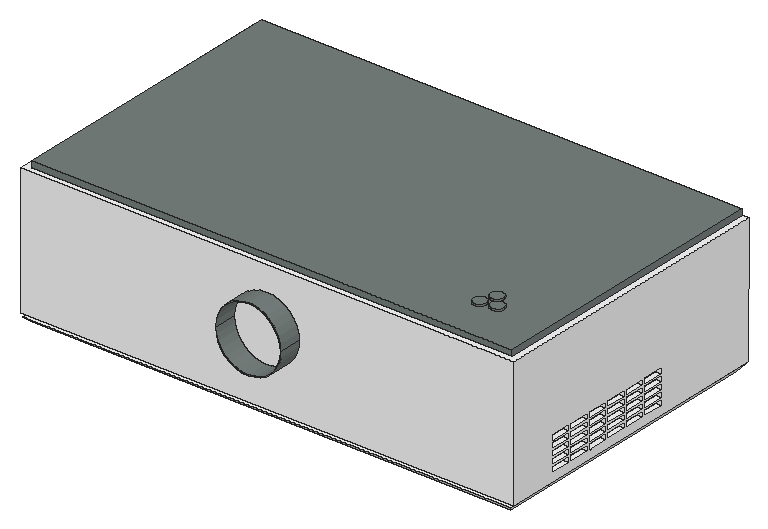
Revit family "AM 300 HHDIB", category Mechanical Equipment, Revit 2019
Family settings
  Round Connector Dimension = Use Diameter
  Part Type = Normal
  OmniClass Number = 23.75.00.00
  OmniClass Title = Climate Control (HVAC)
  Work Plane-Based = No
  Always vertical = Yes
  Cut with Voids When Loaded = No
  Shared = No
  Room Calculation Point = No
Parameters
  Weight (Standard Unit) = 85  # constant formula
  Water Heating [instance] = yes
  Water Heater Surface Return = 15 mm  # constant formula
  Water Heater Surface IN = 15 mm  # constant formula
  Version number = "1.0"
  URL = "www.airmaster-as.com"
  Total Width = 1180 mm  # constant formula
  Total Hight = 344 mm  # constant formula
  T-C Duct Supply = 187 mm  # constant formula
  T-C Duct Exhaust = 187 mm  # constant formula
  Suply Air In = 160 mm  # constant formula
  R-C Duct Supply = 133 mm  # constant formula
  Publication date = "01.05.2023"
  Phase 1 - Max Power Consumption = "1175 W"
  Phase 1 - Max Current = "7,97 A"
  Nominal current, electrical preheating surface = "4,35 A"
  Nominal current, electrical comfort heating surface = "2,17 A"
  Nominal current, air handling unit = "1,45 A"
  Network Conection = "AWG 24 CAT 5e STP"
  Model = "AM 300 HHDIB"
  Max. flow rate 35 dB(A) with ePM10 80% filters = 240.00 m³  # constant formula
  Max. flow rate 35 dB(A) with ePM10 55% filters = 270.00 m³  # constant formula
  Max. flow rate 35 dB(A) with ePM10 50% filters = 275.00 m³  # constant formula
  Max. flow rate 30 dB(A) with ePM10 80% filters = 180.00 m³  # constant formula
  Max. flow rate 30 dB(A) with ePM10 55% filters = 205.00 m³  # constant formula
  Max. flow rate 30 dB(A) with ePM10 50% filters = 210.00 m³  # constant formula
  Manufacturer = "Airmaster A/S"
  Maintenance [instance] = no
  L-C Duct Exhaust = 133 mm  # constant formula
  Exhaust Air = 160 mm  # constant formula
  Total Depth = 703 mm  # constant formula
  Electrical connection = "1 ~ 230 V / N / PE / 50 Hz"
  Drawn By = "LSB"
  Data Sheet = "https://www.airmaster-as.com/media/4938/15583-am300-en-rev-04.pdf"
  Condensate = 6 mm  # constant formula
  BMS Panel = "(PTS) 2x2x0,6"
  BMS Out = "(PTS) 2x2x0,6"
  BMS IN = "(PTS) 2x2x0,6"
  Airlow area [instance] = no
Reference planes
  plane 1 "Center (Front/Back)": y = 0
  plane 2: z = 0
  plane 3 "Center (Left/Right)": x = 0
  plane 4 "Center L/S": y = -703
  plane 5 "Center L/T": x = -590
  plane 6 "Center L/U": x = 590
  plane 7 "TOP": z = 344
  plane 8 "Center L/V": x = -575
  plane 9 "Center L/W": y = -688
  plane 10 "Center L/X": x = 575
  plane 11 "Panel Buttom": z = 20.747
  plane 12 "Panel Top": z = 330.347
  plane 13 "Hatch": z = 14.5
Forms (mm)
  Extrusion 1, solid, material "AM Grey"
    sketch origin (0, 0, 0) x (1, 0, 0) y (0, 1, 0)
      loop
        line (-575, 0) -> (-575, -688) -> (575, -688) -> (575, 0) -> (-575, 0)
    from 14.5 to 344
  Extrusion 2, solid, material "AM White"
    sketch origin (794.5, -1524, 20.747) x (0, -1, 0) y (-1, 0, 0)
      loop
        line (-1524, 1384.5) -> (-1524, 1369.5) -> (-836, 1369.5) -> (-836, 219.5) -> (-1524, 219.5) -> (-1524, 204.5) -> (-821, 204.5) -> (-821, 1384.5) -> (-1524, 1384.5)
    from 0 to -309.6
  Blend 3, solid, material "AM White"
    base sketch origin (-790.646, -1524, 14.5) x (0, -1, 0) y (1, 0, 0)
      loop
        line (-821, 207.613) -> (-821, 1373.657) -> (-1524, 1373.657) -> (-1524, 207.613) -> (-821, 207.613)
    top sketch origin (-790.646, -1524, 14.5) x (0, -1, 0) y (1, 0, 0)
      loop
        line (-836, 218.963) -> (-836, 1362.646) -> (-1509.161, 1362.646) -> (-1509.161, 218.963) -> (-836, 218.963)
    from 0 to -14.5
  Extrusion 4, solid, material "AM Grey"
    sketch origin (-575, 0, 0) x (1, 0, 0) y (0, 0, -1)
      loop
        circle (1032, -157) r 80
    from 0 to 18.45
  Extrusion 5, solid, material "AM Grey"
    sketch origin (-785, 0, 0) x (1, 0, 0) y (0, 0, -1)
      loop
        circle (328, -157) r 80
    from 0 to 18.45
  Extrusion 6, solid, material "Maintenece", visible <- "Maintenance"
    sketch origin (-790.646, -1524, 0) x (1, 0, 0) y (0, -1, 0)
      loop
        line (200.646, -1524) -> (1380.646, -1524) -> (1380.646, -821) -> (200.646, -821) -> (200.646, -1524)
    from 0 to 1200
  Extrusion 7, solid, material "Maintenece", visible <- "Airlow area"
    sketch origin (590, 0, 24.45) x (0, -1, 0) y (0, 0, -1)
      loop
        line (0, -98.297) -> (703, -98.297) -> (703, 21) -> (0, 21) -> (0, -98.297)
    from 0 to 500
  Extrusion 8, solid, material "AM Grey"
    sketch origin (0, 0, 344) x (1, 0, 0) y (0, 1, 0)
      loop
        circle (428.027, -549.273) r 15.55
    from 0 to 3
  Extrusion 9, solid, material "AM Grey"
    sketch origin (0, 0, 344) x (1, 0, 0) y (0, 1, 0)
      loop
        circle (452.132, -578.023) r 15.55
    from 0 to 3
  Extrusion 10, solid, material "AM Grey"
    sketch origin (0, 0, 344) x (1, 0, 0) y (0, 1, 0)
      loop
        circle (415.201, -584.535) r 15.55
    from 0 to 3
  Extrusion 11, void
    sketch origin (590, 0, 25.035) x (0, 1, 0) y (0, 0, -1)
      loop
        line (-588.9, -97.712) -> (-536.417, -97.712) -> (-536.417, -83.712) -> (-588.9, -83.712) -> (-588.9, -97.712)
      loop
        line (-588.9, -80.712) -> (-536.417, -80.712) -> (-536.417, -66.712) -> (-588.9, -66.712) -> (-588.9, -80.712)
      loop
        line (-588.9, -63.712) -> (-536.417, -63.712) -> (-536.417, -49.712) -> (-588.9, -49.712) -> (-588.9, -63.712)
      loop
        line (-588.9, -46.712) -> (-536.417, -46.712) -> (-536.417, -32.712) -> (-588.9, -32.712) -> (-588.9, -46.712)
      loop
        line (-588.9, -29.712) -> (-536.417, -29.712) -> (-536.417, -15.712) -> (-588.9, -15.712) -> (-588.9, -29.712)
      loop
        line (-533.417, -97.712) -> (-480.933, -97.712) -> (-480.933, -83.712) -> (-533.417, -83.712) -> (-533.417, -97.712)
      loop
        line (-533.417, -80.712) -> (-480.933, -80.712) -> (-480.933, -66.712) -> (-533.417, -66.712) -> (-533.417, -80.712)
      loop
        line (-533.417, -63.712) -> (-480.933, -63.712) -> (-480.933, -49.712) -> (-533.417, -49.712) -> (-533.417, -63.712)
      loop
        line (-533.417, -46.712) -> (-480.933, -46.712) -> (-480.933, -32.712) -> (-533.417, -32.712) -> (-533.417, -46.712)
      loop
        line (-533.417, -29.712) -> (-480.933, -29.712) -> (-480.933, -15.712) -> (-533.417, -15.712) -> (-533.417, -29.712)
      loop
        line (-477.933, -97.712) -> (-425.45, -97.712) -> (-425.45, -83.712) -> (-477.933, -83.712) -> (-477.933, -97.712)
      loop
        line (-477.933, -80.712) -> (-425.45, -80.712) -> (-425.45, -66.712) -> (-477.933, -66.712) -> (-477.933, -80.712)
      loop
        line (-477.933, -63.712) -> (-425.45, -63.712) -> (-425.45, -49.712) -> (-477.933, -49.712) -> (-477.933, -63.712)
      loop
        line (-477.933, -46.712) -> (-425.45, -46.712) -> (-425.45, -32.712) -> (-477.933, -32.712) -> (-477.933, -46.712)
      loop
        line (-477.933, -29.712) -> (-425.45, -29.712) -> (-425.45, -15.712) -> (-477.933, -15.712) -> (-477.933, -29.712)
      loop
        line (-422.45, -97.712) -> (-369.967, -97.712) -> (-369.967, -83.712) -> (-422.45, -83.712) -> (-422.45, -97.712)
      loop
        line (-422.45, -80.712) -> (-369.967, -80.712) -> (-369.967, -66.712) -> (-422.45, -66.712) -> (-422.45, -80.712)
      loop
        line (-422.45, -63.712) -> (-369.967, -63.712) -> (-369.967, -49.712) -> (-422.45, -49.712) -> (-422.45, -63.712)
      loop
        line (-422.45, -46.712) -> (-369.967, -46.712) -> (-369.967, -32.712) -> (-422.45, -32.712) -> (-422.45, -46.712)
      loop
        line (-422.45, -29.712) -> (-369.967, -29.712) -> (-369.967, -15.712) -> (-422.45, -15.712) -> (-422.45, -29.712)
      loop
        line (-366.967, -97.712) -> (-314.483, -97.712) -> (-314.483, -83.712) -> (-366.967, -83.712) -> (-366.967, -97.712)
      loop
        line (-366.967, -80.712) -> (-314.483, -80.712) -> (-314.483, -66.712) -> (-366.967, -66.712) -> (-366.967, -80.712)
      loop
        line (-366.967, -63.712) -> (-314.483, -63.712) -> (-314.483, -49.712) -> (-366.967, -49.712) -> (-366.967, -63.712)
      loop
        line (-366.967, -46.712) -> (-314.483, -46.712) -> (-314.483, -32.712) -> (-366.967, -32.712) -> (-366.967, -46.712)
      loop
        line (-366.967, -29.712) -> (-314.483, -29.712) -> (-314.483, -15.712) -> (-366.967, -15.712) -> (-366.967, -29.712)
      loop
        line (-311.483, -97.712) -> (-259, -97.712) -> (-259, -83.712) -> (-311.483, -83.712) -> (-311.483, -97.712)
      loop
        line (-311.483, -80.712) -> (-259, -80.712) -> (-259, -66.712) -> (-311.483, -66.712) -> (-311.483, -80.712)
      loop
        line (-311.483, -63.712) -> (-259, -63.712) -> (-259, -49.712) -> (-311.483, -49.712) -> (-311.483, -63.712)
      loop
        line (-311.483, -46.712) -> (-259, -46.712) -> (-259, -32.712) -> (-311.483, -32.712) -> (-311.483, -46.712)
      loop
        line (-311.483, -29.712) -> (-259, -29.712) -> (-259, -15.712) -> (-311.483, -15.712) -> (-311.483, -29.712)
    from 0 to 15
  Extrusion 12, solid, material "AM Grey", visible <- "Water Heating"
    sketch origin (-575, -688, 0) x (0, 1, 0) y (0, 0, -1)
      loop
        circle (325.216, -242.139) r 15.55
    from 0 to 36
  Extrusion 13, solid, material "AM Grey", visible <- "Water Heating"
    sketch origin (-575, -836.92, 39.903) x (0, 1, 0) y (0, 0, -1)
      loop
        circle (325.216, -242.139) r 15.55
    from 0 to 36
  Extrusion 14, solid, material "AM Grey"
    sketch origin (590, -703, 20.747) x (-1, 0, 0) y (0, 0, -1)
      loop
        circle (591, -173.414) r 78
      loop
        circle (591, -173.414) r 77.16
    from 0 to 54
Cuts and joins
  Extrusion 11 cuts Extrusion 1
  Extrusion 11 cuts Extrusion 2
  Extrusion 11 cuts Extrusion 7
Dimensions and locks
  "Total Depth": plane 4 "Center L/S" to plane 1 "Center (Front/Back)"
  equal spacing: plane 5 "Center L/T", plane 3 "Center (Left/Right)", plane 6 "Center L/U"
  "Total Width": plane 5 "Center L/T" to plane 6 "Center L/U"
  "Total Hight": plane 7 "TOP" to level
  locked: plane 10 "Center L/X" to plane 6 "Center L/U" at 15
  locked: plane 4 "Center L/S" to plane 9 "Center L/W" at 15
  locked: plane 5 "Center L/T" to plane 8 "Center L/V" at 15
  Extrusion 1 to Blend 3 sketch curve = 14.839 mm
  "R-C Duct Supply": plane 6 "Center L/U" to Extrusion 4 sketch curve
  "T-C Duct Exhaust": Extrusion 5 sketch curve to plane 7 "TOP"
  "L-C Duct Exhaust": Extrusion 5 sketch curve to plane 5 "Center L/T"
  "T-C Duct Supply": plane 7 "TOP" to Extrusion 4 sketch curve
  "Suply Air In": diameter of Extrusion 4 sketch curve
  "Exhaust Air": diameter of Extrusion 5 sketch curve
  aligned and locked: level to plane 2
  aligned and locked: plane 1 "Center (Front/Back)" to Extrusion 1 sketch curve
  aligned and locked: plane 8 "Center L/V" to Extrusion 1 sketch curve
  aligned and locked: Extrusion 1 sketch curve to plane 9 "Center L/W"
  aligned and locked: Extrusion 1 sketch curve to plane 10 "Center L/X"
  aligned and locked: plane 7 "TOP" to Extrusion 1
  aligned and locked: plane 5 "Center L/T" to Extrusion 2 sketch curve
  aligned and locked: plane 4 "Center L/S" to Extrusion 2 sketch curve
  aligned and locked: plane 6 "Center L/U" to Extrusion 2 sketch curve
  aligned and locked: Extrusion 2 sketch curve to Extrusion 1  (x3)
  aligned and locked: plane 1 "Center (Front/Back)" to Extrusion 2 sketch curve
  aligned and locked: Extrusion 2 to plane 12 "Panel Top"
  aligned and locked: Blend 3 to plane 2
  aligned and locked: plane 13 "Hatch" to Extrusion 1
Automatic sketch dimensions
  plane 1 "Center (Front/Back)" to Extrusion 2 sketch curve = 0 mm
  plane 1 "Center (Front/Back)" to Blend 3 sketch curve = 0 mm
  plane 4 "Center L/S" to Blend 3 sketch curve = 0 mm
  plane 5 "Center L/T" to Blend 3 sketch curve = 6.967 mm
  Blend 3 sketch curve to plane 6 "Center L/U" = 6.989 mm
  plane 9 "Center L/W" to Blend 3 sketch curve = 0 mm
  plane 8 "Center L/V" to Blend 3 sketch curve = 3.316 mm
  Blend 3 sketch curve to plane 10 "Center L/X" = 3 mm
  Extrusion 6 sketch curve to Blend 3 = 18.316 mm
  Extrusion 6 sketch curve to Blend 3 = 18 mm
  Extrusion 6 sketch curve to Blend 3 = 15 mm
  Extrusion 6 sketch curve to Blend 3 = 14.839 mm
  Extrusion 7 sketch curve to plane 1 "Center (Front/Back)" = 0 mm
  Extrusion 7 sketch curve to plane 4 "Center L/S" = 0 mm
  Extrusion 7 sketch curve to plane 11 "Panel Buttom" = 102 mm
  level to Extrusion 7 sketch curve = 3.45 mm
  Extrusion 8 sketch curve to Extrusion 1 = 146.973 mm
  Extrusion 8 sketch curve to Extrusion 1 = 138.727 mm
  Extrusion 9 sketch curve to Extrusion 1 = 122.868 mm
  Extrusion 9 sketch curve to Extrusion 1 = 109.977 mm
  Extrusion 10 sketch curve to Extrusion 1 = 159.799 mm
  Extrusion 10 sketch curve to Extrusion 1 = 103.465 mm
  Extrusion 2 to Extrusion 11 sketch curve = 114.1 mm
  Extrusion 11 sketch curve to Extrusion 11 sketch curve = 0 mm  (x59)
  Extrusion 11 sketch curve to Extrusion 11 sketch curve = 52.483 mm  (x6)
  Extrusion 11 sketch curve to Extrusion 11 sketch curve = 3 mm  (x38)
  Extrusion 11 sketch curve to Extrusion 2 = 102 mm  (x2)
  Extrusion 11 sketch curve to Extrusion 11 sketch curve = 14 mm  (x14)
  Extrusion 1 to Extrusion 12 sketch curve = 101.861 mm
  Extrusion 12 sketch curve to Extrusion 1 = 325.216 mm
  Extrusion 1 to Extrusion 13 sketch curve = 61.958 mm
  Extrusion 13 sketch curve to Extrusion 1 = 176.296 mm
  radius of Extrusion 8 sketch curve = 15.55 mm
  radius of Extrusion 9 sketch curve = 15.55 mm
  radius of Extrusion 10 sketch curve = 15.55 mm
  radius of Extrusion 12 sketch curve = 15.55 mm
  radius of Extrusion 13 sketch curve = 15.55 mm
Nested families
  nested 1: "Model Label 2019" at (0, -361.924, 0), Label <- "Model", type "Model Label 2019"
    with Label "AM 300 HHDIB"
  nested 2: "Pil Indtag" at (1100, -364, 0) x (-1, 0, 0) z (0, 0, 1), type "Pil Indtag"
    with dX_ 609 mm, dX 609 mm, ang2D 0.00°
Connectors
  electrical at (428.027, -549.273, 344)
    settings: on Extrusion 8, index 13, voltage 230 V, apparent load 0 VA, apparent load phase1 0 VA, apparent load phase2 0 VA, apparent load phase3 0 VA, power factor 0.55, load classification "Other", number of poles 1, system type 30, power factor state 1, is connector primary yes, connector utility no, sub classification motor no, connector description ""
  electrical at (452.132, -578.023, 344), driven by "BMS Out"
    settings: on Extrusion 9, index 14, voltage 0 V, apparent load 0 VA, apparent load phase1 0 VA, apparent load phase2 0 VA, apparent load phase3 0 VA, power factor 1, load classification "Other", number of poles 1, system type 5, power factor state 1, is connector primary no, connector utility no, sub classification motor no, connector description "(PTS) 2x2x0,6"
  electrical at (415.201, -584.535, 344), driven by "BMS IN"
    settings: on Extrusion 10, index 15, voltage 0 V, apparent load 0 VA, apparent load phase1 0 VA, apparent load phase2 0 VA, apparent load phase3 0 VA, power factor 1, load classification "Other", number of poles 1, system type 5, power factor state 1, is connector primary no, connector utility no, sub classification motor no, connector description "(PTS) 2x2x0,6"
  piping at (-611, -362.784, 242.139), diameter 15, driven by "Water Heater Surface IN"
    settings: on Extrusion 12, index 16, connector inside diameter 609.6 mm, connector length 0 mm, flow factor 0, pipe flow 0.0 L/s, pressure drop 0.0 Pa, fitting loss kfactor 0, connector angle 0.00°, fixture units 0, engagement length 0 mm, angle of deflection 0.00°, flow configuration 0, flow direction 1, fitting loss method 0, system type 19, joint type 0, gender type 0, connector reference index -1, connector utility 0, adjustable connector no, is connector primary yes, connector description ""
  piping at (-611, -511.704, 282.042), diameter 15, driven by "Water Heater Surface IN"
    settings: on Extrusion 13, index 17, connector inside diameter 609.6 mm, connector length 0 mm, flow factor 0, pipe flow 0.0 L/s, pressure drop 0.0 Pa, fitting loss kfactor 0, connector angle 0.00°, fixture units 0, engagement length 0 mm, angle of deflection 0.00°, flow configuration 0, flow direction 2, fitting loss method 0, system type 19, joint type 0, gender type 0, connector reference index -1, connector utility 0, adjustable connector no, is connector primary no, connector description ""
  hvac at (-457, 0, 157), driven by "Exhaust Air"
    settings: on Extrusion 5, index 18, duct flow 0.0 L/s, flow factor 0, pres drop 0.0 Pa, loss coef 0, conn angle 0.00°, conn width 304.8 mm, conn height 304.8 mm, conn diameter 160 mm, duct sys type 2, conn prof type 0, flow config 0, flow direction 1, loss method 0, conn ref index -1, conn util no, is conn primary yes, conn desc ""
  hvac at (457, 0, 157), driven by "Suply Air In"
    settings: on Extrusion 4, index 19, duct flow 0.0 L/s, flow factor 0, pres drop 0.0 Pa, loss coef 0, conn angle 0.00°, conn width 304.8 mm, conn height 304.8 mm, conn diameter 160 mm, duct sys type 3, conn prof type 0, flow config 0, flow direction 2, loss method 0, conn ref index -1, conn util no, is conn primary no, conn desc ""
  hvac at (-1, -703, 194.161)
    settings: on Extrusion 14, index 20, duct flow 0.0 L/s, flow factor 0, pres drop 0.0 Pa, loss coef 0, conn angle 0.00°, conn width 304.8 mm, conn height 304.8 mm, conn diameter 160 mm, duct sys type 1, conn prof type 0, flow config 0, flow direction 0, loss method 0, conn ref index -1, conn util no, is conn primary no, conn desc ""
Definition of nested family "Model Label 2019"
  Parameters (values of type "Model Label 2019")
    Label [instance] = ""
  Reference planes
    plane 1: y = 0
    plane 2: x = 0
  Text (mm)
    label "Label" at (-0.131, 0.049, 0), shows "Label"
Definition of nested family "Pil Indtag"
  Parameters (values of type "Pil Indtag")
    dX_ [instance] = if(dX = 0 mm, 1 mm, dX)  # 609 mm
    dX [instance] = 609 mm
    ang2D [instance] = 0.00°
    Type Comments = "DO NOT CHANGE dX value from 608 mm ( 2 ft )"
    Afstand pil = 50 mm
  Reference planes
    plane 1 "Center (Front/Back)": y = 0
    plane 2: z = 0
    plane 3 "Center (Left/Right)": x = 0
    plane 4: x = 500
  Lines and regions (mm)
    Filled region 1, type "Concrete", in view "Ref. Level"
      outline origin (0, 0, 0) x (1, 0, 0) y (0, 1, 0)
        loop
          line (499.552, 0) -> (401.072, 17.365) -> (401.072, -17.365) -> (499.552, 0)
    reference lines, in view "Ref. Level"
      curve 1: line (50, 134.129, 0) -> (50, -145.871, 0)
    detail lines, in view "Ref. Level", not visible
      curve 2: arc (335, 0, 0) -> (385.559, -50.321, 0) -> (434.999, 1.101, 0) r 50.01
      curve 3: arc (335, 0, 0) -> (285.666, 52.633, 0) -> (235.069, 1.212, 0) r 50.01
      curve 4: line (434.999, 1.101, 0) -> (434.999, 21.156, 0)
      curve 5: line (235.069, 1.212, 0) -> (235.069, -18.844, 0)
    detail lines, in view "Ref. Level"
      curve 6: arc (225.332, 0, 0) -> (272.332, -35.211, 0) -> (294.114, 19.326, 0) r 36.995
      curve 7: arc (225.206, 0, 0) -> (173.868, 30.307, 0) -> (156.85, -26.829, 0) r 37.835
      curve 8: line (499.552, 0, 0) -> (401.072, 17.365, 0)
      curve 9: line (401.072, 17.365, 0) -> (401.072, -17.365, 0)
      curve 10: line (401.072, -17.365, 0) -> (499.552, 0, 0)
      curve 11: line (499.552, 0, 0) -> (-15.448, 0, 0)
  Dimensions and locks
    "Afstand pil": plane 3 "Center (Left/Right)" to curve 1
    plane 3 "Center (Left/Right)" to plane 4 = 500 mm
  Automatic sketch dimensions
    plane 1 "Center (Front/Back)" to Filled region 1 sketch curve = 0 mm
    Filled region 1 sketch curve to plane 4 = 0.448 mm
    plane 1 "Center (Front/Back)" to Filled region 1 sketch curve = 17.365 mm
    Filled region 1 sketch curve to plane 4 = 98.928 mm
    Filled region 1 sketch curve to plane 1 "Center (Front/Back)" = 17.365 mm
    plane 1 "Center (Front/Back)" to curve 11 = 0 mm
    plane 1 "Center (Front/Back)" to curve 7 = 4.913 mm
    plane 3 "Center (Left/Right)" to curve 7 = 187.691 mm
    curve 6 to plane 1 "Center (Front/Back)" = 0.405 mm
    curve 7 to curve 6 = 74.634 mm
    curve 9 to plane 1 "Center (Front/Back)" = 17.365 mm
    curve 9 to plane 4 = 98.928 mm
    curve 11 to plane 4 = 0.448 mm
    plane 1 "Center (Front/Back)" to curve 10 = 17.365 mm
    curve 7 to curve 7 = 30.842 mm
    curve 11 to plane 3 "Center (Left/Right)" = 15.448 mm
    curve 7 to curve 6 = 37.119 mm
    curve 7 to curve 6 = 0.126 mm
    curve 6 to plane 1 "Center (Front/Back)" = 19.326 mm
    plane 1 "Center (Front/Back)" to curve 1 = 145.871 mm
    curve 1 to plane 1 "Center (Front/Back)" = 134.129 mm
